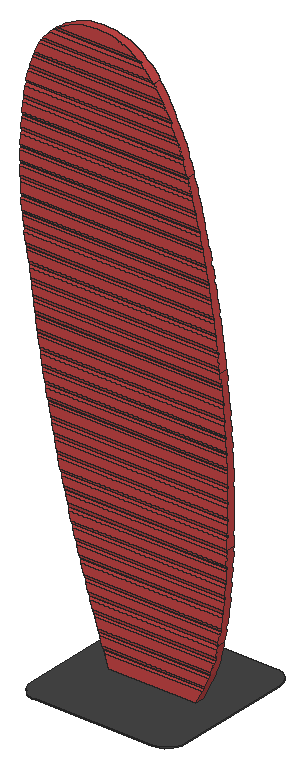
Revit family "Haworth_BuzziPlant_Surf", category Furniture, Revit 2018
Family settings
  OmniClass Number = 23.40.70.14.64.21
  OmniClass Title = Systems Furniture
  Work Plane-Based = No
  Always vertical = Yes
  Cut with Voids When Loaded = No
  Shared = No
  Room Calculation Point = No
Parameters (values of type "HCBZ-PTS1-2")
  Warranty = "http://www.haworth.com/resources/product-info/warranties"
  Upholstery Finish [instance] = Haworth _ Fabric _ Trevira CS _ Berry BCS-4017
  Upholstery Depth = 1 15/256"  # constant formula
  URL - Product = "https://www.haworth.com/products/architectural-interiors/acoustic-solutions/buzziplant"
  URL = "http://www.haworth.com/our-brands/haworth-collection"
  Size = "Verify Final Dim. w/ Haworth"  # constant formula
  Revision Number = "1"  # constant formula
  Model = "HCBZ-PTS"  # constant formula
  Manufacturer = "Haworth"  # constant formula
  Description = "Haworth BuzziPlant - Surf"  # constant formula
  Base Finish [instance] = Haworth _ Paint _ Black BTR-9005
  Author = "Haworth (Abd Rahman)"  # constant formula
  Assembly Code = "E2020200"
  Actual Width = 25 51/256"  # constant formula
  Actual Height = 70 51/256"  # constant formula
  Actual Depth = 19 37/128"  # constant formula
Reference planes (in)
  plane 1 "Center F/B": y = 1.75
  plane 2: z = 0
  plane 3 "Back": y = 11.39453
  plane 4 "Front": y = -7.89453
  plane 5 "Top": z = 70.19922
  plane 6 "Right": x = 42.54045
  plane 7 "Left": x = 17.34124
  plane 8: x = 29.94084
  plane 9 "Front Surface": y = 1.22
  plane 10 "Back Surface": y = 2.28
  plane 11 "Base Top": z = 0.11811
Forms (in)
  Extrusion 1, solid, material "Haworth _ Paint _ Black BTR-9005" <- "Base Finish"
    sketch origin (5.5, 0, 0) x (1, 0, 0) y (0, 1, 0)
      loop
        arc (34.66709, -7.89453) -> (36.34531, -7.19939) -> (37.04045, -5.52117) r 2.37336
        line (37.04045, -5.52117) -> (37.04045, 9.01953)
        arc (37.04045, 9.01953) -> (36.34483, 10.69891) -> (34.66545, 11.39453) r 2.375
        line (34.66545, 11.39453) -> (20.22814, 11.39453)
        arc (20.22814, 11.39453) -> (18.54876, 10.69891) -> (17.85314, 9.01953) r 2.375
        line (17.85314, 9.01953) -> (17.85314, -5.51953)
        arc (17.85314, -5.51953) -> (18.54876, -7.19891) -> (20.22814, -7.89453) r 2.375
        line (20.22814, -7.89453) -> (34.66709, -7.89453)
    from 0 to 0.11811
  Extrusion 2, solid, material "Haworth _ Fabric _ Trevira CS _ Berry BCS-4017" <- "Upholstery Finish"
    sketch origin (0, 1.75, 0) x (1, 0, 0) y (0, 0, 1)
      loop
        arc (38.35803, 0.11811) -> (40.07508, 3.61804) -> (41.10768, 7.37723) r 20.76492
        arc (41.10768, 7.37723) -> (41.86992, 12.85846) -> (42.2371, 18.38024) r 77.11503
        arc (42.2371, 18.38024) -> (42.1666, 28.12055) -> (41.36161, 37.8278) r 129.04779
        arc (41.36161, 37.8278) -> (39.72344, 48.10368) -> (37.3178, 58.22742) r 138.39293
        arc (37.3178, 58.22742) -> (35.5941, 62.89703) -> (33.12495, 67.21903) r 30.12259
        arc (33.12495, 67.21903) -> (26.08508, 70.89642) -> (19.09187, 67.13105) r 8.47557
        arc (19.09187, 67.13105) -> (19.06737, 67.09251) -> (19.04465, 67.05289) r 1
        arc (19.04465, 67.05289) -> (17.89017, 64.4153) -> (17.20024, 61.61999) r 16.89766
        arc (17.20024, 61.61999) -> (16.53269, 51.63959) -> (17.66067, 41.70069) r 55.70916
        arc (17.66067, 41.70069) -> (17.6679, 41.66162) -> (17.67358, 41.62229) r 1
        arc (17.67358, 41.62229) -> (21.46812, 20.59756) -> (27.55331, 0.11811) r 193.8456
        line (27.55331, 0.11811) -> (38.35803, 0.11811)
    from -0.53 to 0.53
  Extrusion 3, void
    sketch origin (0, 0.375, 0) x (0, 1, 0) y (0, 0, -1)
      loop
        line (0.39089, -70.71095) -> (0.95668, -68.95538)
        arc (0.95668, -68.95538) -> (0.95961, -68.93699) -> (0.95685, -68.91858) r 0.06085
        line (0.95685, -68.91858) -> (0.39089, -67.10505) -> (0.39089, -70.71095)
      loop
        line (2.35911, -70.71095) -> (2.35911, -67.10505) -> (1.79315, -68.91858)
        arc (1.79315, -68.91858) -> (1.79039, -68.93699) -> (1.79332, -68.95538) r 0.06085
        line (1.79332, -68.95538) -> (2.35911, -70.71095)
    from -34.49671 to -14.93634
  Extrusion 4, void
    sketch origin (0, 0.375, -1.76865) x (0, 1, 0) y (0, 0, -1)
      loop
        line (0.39089, -70.71095) -> (0.95668, -68.95538)
        arc (0.95668, -68.95538) -> (0.95961, -68.93699) -> (0.95685, -68.91858) r 0.06085
        line (0.95685, -68.91858) -> (0.39089, -67.10505) -> (0.39089, -70.71095)
      loop
        line (2.35911, -70.71095) -> (2.35911, -67.10505) -> (1.79315, -68.91858)
        arc (1.79315, -68.91858) -> (1.79039, -68.93699) -> (1.79332, -68.95538) r 0.06085
        line (1.79332, -68.95538) -> (2.35911, -70.71095)
    from -34.49671 to -14.93634
  Extrusion 5, void
    sketch origin (0, 0.375, 132.41503) x (0, 1, 0) y (0, 0, -1)
      loop
        line (0.39089, 68.89464) -> (0.39089, 65.28874) -> (0.95685, 67.10227)
        arc (0.95685, 67.10227) -> (0.95961, 67.12068) -> (0.95668, 67.13906) r 0.06085
        line (0.95668, 67.13906) -> (0.39089, 68.89464)
      loop
        line (2.35911, 68.89464) -> (1.79332, 67.13906)
        arc (1.79332, 67.13906) -> (1.79039, 67.12068) -> (1.79315, 67.10227) r 0.06085
        line (1.79315, 67.10227) -> (2.35911, 65.28874) -> (2.35911, 68.89464)
    from -45.49609 to -1.9375
  Extrusion 6, void
    sketch origin (0, 0.375, 130.66503) x (0, 1, 0) y (0, 0, -1)
      loop
        line (0.39089, 68.89464) -> (0.39089, 65.28874) -> (0.95685, 67.10227)
        arc (0.95685, 67.10227) -> (0.95961, 67.12068) -> (0.95668, 67.13906) r 0.06085
        line (0.95668, 67.13906) -> (0.39089, 68.89464)
      loop
        line (2.35911, 68.89464) -> (1.79332, 67.13906)
        arc (1.79332, 67.13906) -> (1.79039, 67.12068) -> (1.79315, 67.10227) r 0.06085
        line (1.79315, 67.10227) -> (2.35911, 65.28874) -> (2.35911, 68.89464)
    from -45.49609 to -1.9375
  Extrusion 7, void
    sketch origin (0, 0.375, 128.91503) x (0, 1, 0) y (0, 0, -1)
      loop
        line (0.39089, 68.89464) -> (0.39089, 65.28874) -> (0.95685, 67.10227)
        arc (0.95685, 67.10227) -> (0.95961, 67.12068) -> (0.95668, 67.13906) r 0.06085
        line (0.95668, 67.13906) -> (0.39089, 68.89464)
      loop
        line (2.35911, 68.89464) -> (1.79332, 67.13906)
        arc (1.79332, 67.13906) -> (1.79039, 67.12068) -> (1.79315, 67.10227) r 0.06085
        line (1.79315, 67.10227) -> (2.35911, 65.28874) -> (2.35911, 68.89464)
    from -45.49609 to -1.9375
  Extrusion 8, void
    sketch origin (0, 0.375, 127.06079) x (0, 1, 0) y (0, 0, -1)
      loop
        line (0.39089, 68.89464) -> (0.39089, 65.28874) -> (0.95685, 67.10227)
        arc (0.95685, 67.10227) -> (0.95961, 67.12068) -> (0.95668, 67.13906) r 0.06085
        line (0.95668, 67.13906) -> (0.39089, 68.89464)
      loop
        line (2.35911, 68.89464) -> (1.79332, 67.13906)
        arc (1.79332, 67.13906) -> (1.79039, 67.12068) -> (1.79315, 67.10227) r 0.06085
        line (1.79315, 67.10227) -> (2.35911, 65.28874) -> (2.35911, 68.89464)
    from -45.49609 to -1.9375
  Extrusion 9, void
    sketch origin (0, 0.375, 125.14839) x (0, 1, 0) y (0, 0, -1)
      loop
        line (0.39089, 68.89464) -> (0.39089, 65.28874) -> (0.95685, 67.10227)
        arc (0.95685, 67.10227) -> (0.95961, 67.12068) -> (0.95668, 67.13906) r 0.06085
        line (0.95668, 67.13906) -> (0.39089, 68.89464)
      loop
        line (2.35911, 68.89464) -> (1.79332, 67.13906)
        arc (1.79332, 67.13906) -> (1.79039, 67.12068) -> (1.79315, 67.10227) r 0.06085
        line (1.79315, 67.10227) -> (2.35911, 65.28874) -> (2.35911, 68.89464)
    from -45.49609 to -1.9375
  Extrusion 10, void
    sketch origin (0, 0.375, 123.39839) x (0, 1, 0) y (0, 0, -1)
      loop
        line (0.39089, 68.89464) -> (0.39089, 65.28874) -> (0.95685, 67.10227)
        arc (0.95685, 67.10227) -> (0.95961, 67.12068) -> (0.95668, 67.13906) r 0.06085
        line (0.95668, 67.13906) -> (0.39089, 68.89464)
      loop
        line (2.35911, 68.89464) -> (1.79332, 67.13906)
        arc (1.79332, 67.13906) -> (1.79039, 67.12068) -> (1.79315, 67.10227) r 0.06085
        line (1.79315, 67.10227) -> (2.35911, 65.28874) -> (2.35911, 68.89464)
    from -45.49609 to -1.9375
  Extrusion 11, void
    sketch origin (0, 0.375, 121.51947) x (0, 1, 0) y (0, 0, -1)
      loop
        line (0.39089, 68.89464) -> (0.39089, 65.28874) -> (0.95685, 67.10227)
        arc (0.95685, 67.10227) -> (0.95961, 67.12068) -> (0.95668, 67.13906) r 0.06085
        line (0.95668, 67.13906) -> (0.39089, 68.89464)
      loop
        line (2.35911, 68.89464) -> (1.79332, 67.13906)
        arc (1.79332, 67.13906) -> (1.79039, 67.12068) -> (1.79315, 67.10227) r 0.06085
        line (1.79315, 67.10227) -> (2.35911, 65.28874) -> (2.35911, 68.89464)
    from -45.49609 to -1.9375
  Extrusion 12, void
    sketch origin (0, 0.375, 119.73658) x (0, 1, 0) y (0, 0, -1)
      loop
        line (0.39089, 68.89464) -> (0.39089, 65.28874) -> (0.95685, 67.10227)
        arc (0.95685, 67.10227) -> (0.95961, 67.12068) -> (0.95668, 67.13906) r 0.06085
        line (0.95668, 67.13906) -> (0.39089, 68.89464)
      loop
        line (2.35911, 68.89464) -> (1.79332, 67.13906)
        arc (1.79332, 67.13906) -> (1.79039, 67.12068) -> (1.79315, 67.10227) r 0.06085
        line (1.79315, 67.10227) -> (2.35911, 65.28874) -> (2.35911, 68.89464)
    from -45.49609 to -1.9375
  Extrusion 13, void
    sketch origin (0, 0.375, 118.00719) x (0, 1, 0) y (0, 0, -1)
      loop
        line (0.39089, 68.89464) -> (0.39089, 65.28874) -> (0.95685, 67.10227)
        arc (0.95685, 67.10227) -> (0.95961, 67.12068) -> (0.95668, 67.13906) r 0.06085
        line (0.95668, 67.13906) -> (0.39089, 68.89464)
      loop
        line (2.35911, 68.89464) -> (1.79332, 67.13906)
        arc (1.79332, 67.13906) -> (1.79039, 67.12068) -> (1.79315, 67.10227) r 0.06085
        line (1.79315, 67.10227) -> (2.35911, 65.28874) -> (2.35911, 68.89464)
    from -45.49609 to -1.9375
  Extrusion 14, void
    sketch origin (0, 0.375, 116.10376) x (0, 1, 0) y (0, 0, -1)
      loop
        line (0.39089, 68.89464) -> (0.39089, 65.28874) -> (0.95685, 67.10227)
        arc (0.95685, 67.10227) -> (0.95961, 67.12068) -> (0.95668, 67.13906) r 0.06085
        line (0.95668, 67.13906) -> (0.39089, 68.89464)
      loop
        line (2.35911, 68.89464) -> (1.79332, 67.13906)
        arc (1.79332, 67.13906) -> (1.79039, 67.12068) -> (1.79315, 67.10227) r 0.06085
        line (1.79315, 67.10227) -> (2.35911, 65.28874) -> (2.35911, 68.89464)
    from -45.49609 to -1.9375
  Extrusion 15, void
    sketch origin (0, 0.375, 114.26432) x (0, 1, 0) y (0, 0, -1)
      loop
        line (0.39089, 68.89464) -> (0.39089, 65.28874) -> (0.95685, 67.10227)
        arc (0.95685, 67.10227) -> (0.95961, 67.12068) -> (0.95668, 67.13906) r 0.06085
        line (0.95668, 67.13906) -> (0.39089, 68.89464)
      loop
        line (2.35911, 68.89464) -> (1.79332, 67.13906)
        arc (1.79332, 67.13906) -> (1.79039, 67.12068) -> (1.79315, 67.10227) r 0.06085
        line (1.79315, 67.10227) -> (2.35911, 65.28874) -> (2.35911, 68.89464)
    from -45.49609 to -1.9375
  Extrusion 16, void
    sketch origin (0, 0.375, 112.62499) x (0, 1, 0) y (0, 0, -1)
      loop
        line (0.39089, 68.89464) -> (0.39089, 65.28874) -> (0.95685, 67.10227)
        arc (0.95685, 67.10227) -> (0.95961, 67.12068) -> (0.95668, 67.13906) r 0.06085
        line (0.95668, 67.13906) -> (0.39089, 68.89464)
      loop
        line (2.35911, 68.89464) -> (1.79332, 67.13906)
        arc (1.79332, 67.13906) -> (1.79039, 67.12068) -> (1.79315, 67.10227) r 0.06085
        line (1.79315, 67.10227) -> (2.35911, 65.28874) -> (2.35911, 68.89464)
    from -45.49609 to -1.9375
  Extrusion 17, void
    sketch origin (0, 0.375, 110.6564) x (0, 1, 0) y (0, 0, -1)
      loop
        line (0.39089, 68.89464) -> (0.39089, 65.28874) -> (0.95685, 67.10227)
        arc (0.95685, 67.10227) -> (0.95961, 67.12068) -> (0.95668, 67.13906) r 0.06085
        line (0.95668, 67.13906) -> (0.39089, 68.89464)
      loop
        line (2.35911, 68.89464) -> (1.79332, 67.13906)
        arc (1.79332, 67.13906) -> (1.79039, 67.12068) -> (1.79315, 67.10227) r 0.06085
        line (1.79315, 67.10227) -> (2.35911, 65.28874) -> (2.35911, 68.89464)
    from -45.49609 to -1.9375
  Extrusion 18, void
    sketch origin (0, 0.375, 107.02695) x (0, 1, 0) y (0, 0, -1)
      loop
        line (0.39089, 68.89464) -> (0.39089, 65.28874) -> (0.95685, 67.10227)
        arc (0.95685, 67.10227) -> (0.95961, 67.12068) -> (0.95668, 67.13906) r 0.06085
        line (0.95668, 67.13906) -> (0.39089, 68.89464)
      loop
        line (2.35911, 68.89464) -> (1.79332, 67.13906)
        arc (1.79332, 67.13906) -> (1.79039, 67.12068) -> (1.79315, 67.10227) r 0.06085
        line (1.79315, 67.10227) -> (2.35911, 65.28874) -> (2.35911, 68.89464)
    from -45.49609 to -1.9375
  Extrusion 19, void
    sketch origin (0, 0.375, 105.21292) x (0, 1, 0) y (0, 0, -1)
      loop
        line (0.39089, 68.89464) -> (0.39089, 65.28874) -> (0.95685, 67.10227)
        arc (0.95685, 67.10227) -> (0.95961, 67.12068) -> (0.95668, 67.13906) r 0.06085
        line (0.95668, 67.13906) -> (0.39089, 68.89464)
      loop
        line (2.35911, 68.89464) -> (1.79332, 67.13906)
        arc (1.79332, 67.13906) -> (1.79039, 67.12068) -> (1.79315, 67.10227) r 0.06085
        line (1.79315, 67.10227) -> (2.35911, 65.28874) -> (2.35911, 68.89464)
    from -45.49609 to -1.9375
  Extrusion 20, void
    sketch origin (0, 0.375, 103.46292) x (0, 1, 0) y (0, 0, -1)
      loop
        line (0.39089, 68.89464) -> (0.39089, 65.28874) -> (0.95685, 67.10227)
        arc (0.95685, 67.10227) -> (0.95961, 67.12068) -> (0.95668, 67.13906) r 0.06085
        line (0.95668, 67.13906) -> (0.39089, 68.89464)
      loop
        line (2.35911, 68.89464) -> (1.79332, 67.13906)
        arc (1.79332, 67.13906) -> (1.79039, 67.12068) -> (1.79315, 67.10227) r 0.06085
        line (1.79315, 67.10227) -> (2.35911, 65.28874) -> (2.35911, 68.89464)
    from -45.49609 to -1.9375
  Extrusion 21, void
    sketch origin (0, 0.375, 101.5841) x (0, 1, 0) y (0, 0, -1)
      loop
        line (0.39089, 68.89464) -> (0.39089, 65.28874) -> (0.95685, 67.10227)
        arc (0.95685, 67.10227) -> (0.95961, 67.12068) -> (0.95668, 67.13906) r 0.06085
        line (0.95668, 67.13906) -> (0.39089, 68.89464)
      loop
        line (2.35911, 68.89464) -> (1.79332, 67.13906)
        arc (1.79332, 67.13906) -> (1.79039, 67.12068) -> (1.79315, 67.10227) r 0.06085
        line (1.79315, 67.10227) -> (2.35911, 65.28874) -> (2.35911, 68.89464)
    from -45.49609 to -1.9375
  Extrusion 22, void
    sketch origin (0, 0.375, 99.76084) x (0, 1, 0) y (0, 0, -1)
      loop
        line (0.39089, 68.89464) -> (0.39089, 65.28874) -> (0.95685, 67.10227)
        arc (0.95685, 67.10227) -> (0.95961, 67.12068) -> (0.95668, 67.13906) r 0.06085
        line (0.95668, 67.13906) -> (0.39089, 68.89464)
      loop
        line (2.35911, 68.89464) -> (1.79332, 67.13906)
        arc (1.79332, 67.13906) -> (1.79039, 67.12068) -> (1.79315, 67.10227) r 0.06085
        line (1.79315, 67.10227) -> (2.35911, 65.28874) -> (2.35911, 68.89464)
    from -45.49609 to -1.9375
  Extrusion 23, void
    sketch origin (0, 0.375, 97.94942) x (0, 1, 0) y (0, 0, -1)
      loop
        line (0.39089, 68.89464) -> (0.39089, 65.28874) -> (0.95685, 67.10227)
        arc (0.95685, 67.10227) -> (0.95961, 67.12068) -> (0.95668, 67.13906) r 0.06085
        line (0.95668, 67.13906) -> (0.39089, 68.89464)
      loop
        line (2.35911, 68.89464) -> (1.79332, 67.13906)
        arc (1.79332, 67.13906) -> (1.79039, 67.12068) -> (1.79315, 67.10227) r 0.06085
        line (1.79315, 67.10227) -> (2.35911, 65.28874) -> (2.35911, 68.89464)
    from -45.49609 to -1.9375
  Extrusion 24, void
    sketch origin (0, 0.375, 96.19942) x (0, 1, 0) y (0, 0, -1)
      loop
        line (0.39089, 68.89464) -> (0.39089, 65.28874) -> (0.95685, 67.10227)
        arc (0.95685, 67.10227) -> (0.95961, 67.12068) -> (0.95668, 67.13906) r 0.06085
        line (0.95668, 67.13906) -> (0.39089, 68.89464)
      loop
        line (2.35911, 68.89464) -> (1.79332, 67.13906)
        arc (1.79332, 67.13906) -> (1.79039, 67.12068) -> (1.79315, 67.10227) r 0.06085
        line (1.79315, 67.10227) -> (2.35911, 65.28874) -> (2.35911, 68.89464)
    from -45.49609 to -1.9375
  Extrusion 25, void
    sketch origin (0, 0.375, 94.44942) x (0, 1, 0) y (0, 0, -1)
      loop
        line (0.39089, 68.89464) -> (0.39089, 65.28874) -> (0.95685, 67.10227)
        arc (0.95685, 67.10227) -> (0.95961, 67.12068) -> (0.95668, 67.13906) r 0.06085
        line (0.95668, 67.13906) -> (0.39089, 68.89464)
      loop
        line (2.35911, 68.89464) -> (1.79332, 67.13906)
        arc (1.79332, 67.13906) -> (1.79039, 67.12068) -> (1.79315, 67.10227) r 0.06085
        line (1.79315, 67.10227) -> (2.35911, 65.28874) -> (2.35911, 68.89464)
    from -45.49609 to -1.9375
  Extrusion 26, void
    sketch origin (0, 0.375, 92.51203) x (0, 1, 0) y (0, 0, -1)
      loop
        line (0.39089, 68.89464) -> (0.39089, 65.28874) -> (0.95685, 67.10227)
        arc (0.95685, 67.10227) -> (0.95961, 67.12068) -> (0.95668, 67.13906) r 0.06085
        line (0.95668, 67.13906) -> (0.39089, 68.89464)
      loop
        line (2.35911, 68.89464) -> (1.79332, 67.13906)
        arc (1.79332, 67.13906) -> (1.79039, 67.12068) -> (1.79315, 67.10227) r 0.06085
        line (1.79315, 67.10227) -> (2.35911, 65.28874) -> (2.35911, 68.89464)
    from -45.49609 to -1.9375
  Extrusion 27, void
    sketch origin (0, 0.375, 90.76203) x (0, 1, 0) y (0, 0, -1)
      loop
        line (0.39089, 68.89464) -> (0.39089, 65.28874) -> (0.95685, 67.10227)
        arc (0.95685, 67.10227) -> (0.95961, 67.12068) -> (0.95668, 67.13906) r 0.06085
        line (0.95668, 67.13906) -> (0.39089, 68.89464)
      loop
        line (2.35911, 68.89464) -> (1.79332, 67.13906)
        arc (1.79332, 67.13906) -> (1.79039, 67.12068) -> (1.79315, 67.10227) r 0.06085
        line (1.79315, 67.10227) -> (2.35911, 65.28874) -> (2.35911, 68.89464)
    from -45.49609 to -1.9375
  Extrusion 28, void
    sketch origin (0, 0.375, 88.88697) x (0, 1, 0) y (0, 0, -1)
      loop
        line (0.39089, 68.89464) -> (0.39089, 65.28874) -> (0.95685, 67.10227)
        arc (0.95685, 67.10227) -> (0.95961, 67.12068) -> (0.95668, 67.13906) r 0.06085
        line (0.95668, 67.13906) -> (0.39089, 68.89464)
      loop
        line (2.35911, 68.89464) -> (1.79332, 67.13906)
        arc (1.79332, 67.13906) -> (1.79039, 67.12068) -> (1.79315, 67.10227) r 0.06085
        line (1.79315, 67.10227) -> (2.35911, 65.28874) -> (2.35911, 68.89464)
    from -45.49609 to -1.9375
  Extrusion 29, void
    sketch origin (0, 0.375, 87.07298) x (0, 1, 0) y (0, 0, -1)
      loop
        line (0.39089, 68.89464) -> (0.39089, 65.28874) -> (0.95685, 67.10227)
        arc (0.95685, 67.10227) -> (0.95961, 67.12068) -> (0.95668, 67.13906) r 0.06085
        line (0.95668, 67.13906) -> (0.39089, 68.89464)
      loop
        line (2.35911, 68.89464) -> (1.79332, 67.13906)
        arc (1.79332, 67.13906) -> (1.79039, 67.12068) -> (1.79315, 67.10227) r 0.06085
        line (1.79315, 67.10227) -> (2.35911, 65.28874) -> (2.35911, 68.89464)
    from -45.49609 to -1.9375
  Extrusion 30, void
    sketch origin (0, 0.375, 85.25944) x (0, 1, 0) y (0, 0, -1)
      loop
        line (0.39089, 68.89464) -> (0.39089, 65.28874) -> (0.95685, 67.10227)
        arc (0.95685, 67.10227) -> (0.95961, 67.12068) -> (0.95668, 67.13906) r 0.06085
        line (0.95668, 67.13906) -> (0.39089, 68.89464)
      loop
        line (2.35911, 68.89464) -> (1.79332, 67.13906)
        arc (1.79332, 67.13906) -> (1.79039, 67.12068) -> (1.79315, 67.10227) r 0.06085
        line (1.79315, 67.10227) -> (2.35911, 65.28874) -> (2.35911, 68.89464)
    from -45.49609 to -1.9375
  Extrusion 31, void
    sketch origin (0, 0.375, 108.86244) x (0, 1, 0) y (0, 0, -1)
      loop
        line (0.39089, 68.89464) -> (0.39089, 65.28874) -> (0.95685, 67.10227)
        arc (0.95685, 67.10227) -> (0.95961, 67.12068) -> (0.95668, 67.13906) r 0.06085
        line (0.95668, 67.13906) -> (0.39089, 68.89464)
      loop
        line (2.35911, 68.89464) -> (1.79332, 67.13906)
        arc (1.79332, 67.13906) -> (1.79039, 67.12068) -> (1.79315, 67.10227) r 0.06085
        line (1.79315, 67.10227) -> (2.35911, 65.28874) -> (2.35911, 68.89464)
    from -45.49609 to -1.9375
  Extrusion 32, void
    sketch origin (0, 0.375, 83.50727) x (0, 1, 0) y (0, 0, -1)
      loop
        line (0.39089, 68.89464) -> (0.39089, 65.28874) -> (0.95685, 67.10227)
        arc (0.95685, 67.10227) -> (0.95961, 67.12068) -> (0.95668, 67.13906) r 0.06085
        line (0.95668, 67.13906) -> (0.39089, 68.89464)
      loop
        line (2.35911, 68.89464) -> (1.79332, 67.13906)
        arc (1.79332, 67.13906) -> (1.79039, 67.12068) -> (1.79315, 67.10227) r 0.06085
        line (1.79315, 67.10227) -> (2.35911, 65.28874) -> (2.35911, 68.89464)
    from -45.49609 to -1.9375
  Extrusion 33, void
    sketch origin (0, 0.375, 81.75727) x (0, 1, 0) y (0, 0, -1)
      loop
        line (0.39089, 68.89464) -> (0.39089, 65.28874) -> (0.95685, 67.10227)
        arc (0.95685, 67.10227) -> (0.95961, 67.12068) -> (0.95668, 67.13906) r 0.06085
        line (0.95668, 67.13906) -> (0.39089, 68.89464)
      loop
        line (2.35911, 68.89464) -> (1.79332, 67.13906)
        arc (1.79332, 67.13906) -> (1.79039, 67.12068) -> (1.79315, 67.10227) r 0.06085
        line (1.79315, 67.10227) -> (2.35911, 65.28874) -> (2.35911, 68.89464)
    from -45.49609 to -1.9375
  Extrusion 34, void
    sketch origin (0, 0.375, 80.00727) x (0, 1, 0) y (0, 0, -1)
      loop
        line (0.39089, 68.89464) -> (0.39089, 65.28874) -> (0.95685, 67.10227)
        arc (0.95685, 67.10227) -> (0.95961, 67.12068) -> (0.95668, 67.13906) r 0.06085
        line (0.95668, 67.13906) -> (0.39089, 68.89464)
      loop
        line (2.35911, 68.89464) -> (1.79332, 67.13906)
        arc (1.79332, 67.13906) -> (1.79039, 67.12068) -> (1.79315, 67.10227) r 0.06085
        line (1.79315, 67.10227) -> (2.35911, 65.28874) -> (2.35911, 68.89464)
    from -45.49609 to -1.9375
  Extrusion 35, void
    sketch origin (0, 0.375, 78.25727) x (0, 1, 0) y (0, 0, -1)
      loop
        line (0.39089, 68.89464) -> (0.39089, 65.28874) -> (0.95685, 67.10227)
        arc (0.95685, 67.10227) -> (0.95961, 67.12068) -> (0.95668, 67.13906) r 0.06085
        line (0.95668, 67.13906) -> (0.39089, 68.89464)
      loop
        line (2.35911, 68.89464) -> (1.79332, 67.13906)
        arc (1.79332, 67.13906) -> (1.79039, 67.12068) -> (1.79315, 67.10227) r 0.06085
        line (1.79315, 67.10227) -> (2.35911, 65.28874) -> (2.35911, 68.89464)
    from -45.49609 to -1.9375
  Extrusion 36, void
    sketch origin (0, 0.375, 76.25727) x (0, 1, 0) y (0, 0, -1)
      loop
        line (0.39089, 68.89464) -> (0.39089, 65.28874) -> (0.95685, 67.10227)
        arc (0.95685, 67.10227) -> (0.95961, 67.12068) -> (0.95668, 67.13906) r 0.06085
        line (0.95668, 67.13906) -> (0.39089, 68.89464)
      loop
        line (2.35911, 68.89464) -> (1.79332, 67.13906)
        arc (1.79332, 67.13906) -> (1.79039, 67.12068) -> (1.79315, 67.10227) r 0.06085
        line (1.79315, 67.10227) -> (2.35911, 65.28874) -> (2.35911, 68.89464)
    from -45.49609 to -1.9375
  Extrusion 37, void
    sketch origin (0, 0.375, 74.50727) x (0, 1, 0) y (0, 0, -1)
      loop
        line (0.39089, 68.89464) -> (0.39089, 65.28874) -> (0.95685, 67.10227)
        arc (0.95685, 67.10227) -> (0.95961, 67.12068) -> (0.95668, 67.13906) r 0.06085
        line (0.95668, 67.13906) -> (0.39089, 68.89464)
      loop
        line (2.35911, 68.89464) -> (1.79332, 67.13906)
        arc (1.79332, 67.13906) -> (1.79039, 67.12068) -> (1.79315, 67.10227) r 0.06085
        line (1.79315, 67.10227) -> (2.35911, 65.28874) -> (2.35911, 68.89464)
    from -45.49609 to -1.9375
  Extrusion 38, void
    sketch origin (0, 0.375, 72.75727) x (0, 1, 0) y (0, 0, -1)
      loop
        line (0.39089, 68.89464) -> (0.39089, 65.28874) -> (0.95685, 67.10227)
        arc (0.95685, 67.10227) -> (0.95961, 67.12068) -> (0.95668, 67.13906) r 0.06085
        line (0.95668, 67.13906) -> (0.39089, 68.89464)
      loop
        line (2.35911, 68.89464) -> (1.79332, 67.13906)
        arc (1.79332, 67.13906) -> (1.79039, 67.12068) -> (1.79315, 67.10227) r 0.06085
        line (1.79315, 67.10227) -> (2.35911, 65.28874) -> (2.35911, 68.89464)
    from -45.49609 to -1.9375
  Extrusion 39, void
    sketch origin (0, 0.375, 70.88524) x (0, 1, 0) y (0, 0, -1)
      loop
        line (0.39089, 68.89464) -> (0.39089, 65.28874) -> (0.95685, 67.10227)
        arc (0.95685, 67.10227) -> (0.95961, 67.12068) -> (0.95668, 67.13906) r 0.06085
        line (0.95668, 67.13906) -> (0.39089, 68.89464)
      loop
        line (2.35911, 68.89464) -> (1.79332, 67.13906)
        arc (1.79332, 67.13906) -> (1.79039, 67.12068) -> (1.79315, 67.10227) r 0.06085
        line (1.79315, 67.10227) -> (2.35911, 65.28874) -> (2.35911, 68.89464)
    from -45.49609 to -1.9375
  Extrusion 40, void
    sketch origin (0, 0.375, 69.13524) x (0, 1, 0) y (0, 0, -1)
      loop
        line (0.39089, 68.89464) -> (0.39089, 65.28874) -> (0.95685, 67.10227)
        arc (0.95685, 67.10227) -> (0.95961, 67.12068) -> (0.95668, 67.13906) r 0.06085
        line (0.95668, 67.13906) -> (0.39089, 68.89464)
      loop
        line (2.35911, 68.89464) -> (1.79332, 67.13906)
        arc (1.79332, 67.13906) -> (1.79039, 67.12068) -> (1.79315, 67.10227) r 0.06085
        line (1.79315, 67.10227) -> (2.35911, 65.28874) -> (2.35911, 68.89464)
    from -45.49609 to -1.9375
Cuts and joins
  Extrusion 3, Extrusion 4, Extrusion 5, Extrusion 6, Extrusion 7, Extrusion 8, Extrusion 9, Extrusion 10, Extrusion 11, Extrusion 12, Extrusion 13, Extrusion 14, Extrusion 15, Extrusion 16, Extrusion 17, Extrusion 18, Extrusion 19, Extrusion 20, Extrusion 21, Extrusion 22, Extrusion 23, Extrusion 24, Extrusion 25, Extrusion 26, Extrusion 27, Extrusion 28, Extrusion 29, Extrusion 30, Extrusion 31, Extrusion 32, Extrusion 33, Extrusion 34, Extrusion 35, Extrusion 36, Extrusion 37, Extrusion 38, Extrusion 39, Extrusion 40 cuts Extrusion 2
Lines and regions (in)
  Masking region 1
    outline origin (0, 0, 0) x (1, 0, 0) y (0, 1, 0)
      loop
        line (40.23831, 11.39453) -> (25.72814, 11.39453)
        arc (25.72814, 11.39453) -> (24.04876, 10.69891) -> (23.35314, 9.01953) r 2.375
        line (23.35314, 9.01953) -> (23.35314, 2.28) -> (17.34124, 2.28) -> (17.34124, 1.22) -> (23.35314, 1.22) -> (23.35314, -5.51953)
        arc (23.35314, -5.51953) -> (24.04876, -7.19891) -> (25.72814, -7.89453) r 2.375
        line (25.72814, -7.89453) -> (40.23994, -7.89453)
        arc (40.23994, -7.89453) -> (41.91816, -7.19939) -> (42.61331, -5.52117) r 2.37336
        line (42.61331, -5.52117) -> (42.61331, 9.01953)
        arc (42.61331, 9.01953) -> (41.91768, 10.69891) -> (40.23831, 11.39453) r 2.375
  symbolic lines
    curve 1: line (42.61331, 2.28, 0) -> (23.35314, 2.28, 0)
    curve 2: line (23.36613, 1.22, 0) -> (42.61331, 1.22, 0)
Dimensions and locks (in)
  "Actual Width": plane 7 "Left" to plane 6 "Right"
  "Actual Depth": plane 4 "Front" to plane 3 "Back"
  equal spacing: plane 4 "Front", plane 1 "Center F/B", plane 3 "Back"
  "Actual Height": plane 5 "Top" to level
  equal spacing: plane 7 "Left", plane 8, plane 6 "Right"
  plane 10 "Back Surface" to plane 9 "Front Surface" = 1.06"
  aligned and locked: Extrusion 1 sketch curve to plane 3 "Back"
  aligned and locked: Extrusion 1 sketch curve to plane 4 "Front"
  aligned and locked: Extrusion 1 to plane 2
  aligned and locked: plane 11 "Base Top" to Extrusion 1
  aligned and locked: plane 10 "Back Surface" to Extrusion 2
  aligned and locked: Extrusion 2 to plane 9 "Front Surface"
  aligned and locked: plane 6 "Right" to Extrusion 1
Automatic sketch dimensions
  Extrusion 1 sketch curve to plane 7 "Left" = 6.01191"
  Extrusion 1 sketch curve to Extrusion 1 sketch curve = 2 3/8"  (x2)
  Extrusion 1 sketch curve to plane 6 "Right" = 2 3/8"
  Extrusion 1 sketch curve to plane 6 "Right" = 2.37336"
  plane 6 "Right" to Extrusion 1 sketch curve = 0"
  Extrusion 2 sketch curve to plane 11 "Base Top" = 0"
  plane 11 "Base Top" to Extrusion 2 sketch curve = 21.07562"
  plane 7 "Left" to Extrusion 2 sketch curve = 113.36925"
  Extrusion 2 sketch curve to Extrusion 2 sketch curve = 9.27738"
  Extrusion 2 sketch curve to Extrusion 2 sketch curve = 51.90859"
  plane 7 "Left" to Extrusion 2 sketch curve = 9.04747"
  plane 7 "Left" to Extrusion 2 sketch curve = 0.66005"
  Extrusion 2 sketch curve to plane 7 "Left" = 2.58201"
  Extrusion 2 sketch curve to plane 7 "Left" = 3.3153"
  plane 8 to Extrusion 2 sketch curve = 3.80263"
  plane 8 to Extrusion 2 sketch curve = 2.38754"
  Extrusion 2 sketch curve to plane 8 = 3.95005"
  Extrusion 2 sketch curve to plane 6 "Right" = 4.18242"
  plane 6 "Right" to Extrusion 2 sketch curve = 29.68652"
  Extrusion 2 sketch curve to plane 5 "Top" = 4.71257"
  Extrusion 2 sketch curve to Extrusion 2 sketch curve = 137.81762"
  level to Extrusion 2 sketch curve = 10.97348"
  level to Extrusion 2 sketch curve = 20.7327"
  Extrusion 2 sketch curve to Extrusion 2 sketch curve = 1.12323"
  Extrusion 2 sketch curve to plane 5 "Top" = 28.70004"
  Extrusion 2 sketch curve to Extrusion 2 sketch curve = 8.6675"
  Extrusion 2 sketch curve to plane 5 "Top" = 17.27226"
  Extrusion 2 sketch curve to plane 5 "Top" = 11.21599"
  Extrusion 2 sketch curve to plane 5 "Top" = 7.7782"
  Extrusion 2 sketch curve to plane 5 "Top" = 3.62389"
  plane 7 "Left" to Extrusion 2 sketch curve = 0.141"
  Extrusion 2 sketch curve to Extrusion 2 sketch curve = 0"  (x8)
  plane 9 "Front Surface" to Extrusion 3 sketch curve = 0.45411"
  Extrusion 3 sketch curve to plane 9 "Front Surface" = 0.05376"
  Extrusion 3 sketch curve to Extrusion 3 sketch curve = 0.05792"
  Extrusion 3 sketch curve to Extrusion 3 sketch curve = 0.00017"  (x2)
  plane 10 "Back Surface" to Extrusion 3 sketch curve = 0.11185"
  plane 10 "Back Surface" to Extrusion 3 sketch curve = 0.05376"
  Extrusion 3 sketch curve to plane 10 "Back Surface" = 0.45411"
  plane 5 "Top" to Extrusion 3 sketch curve = 3.09416"
  Extrusion 3 sketch curve to Extrusion 3 sketch curve = 0"  (x2)
  plane 5 "Top" to Extrusion 3 sketch curve = 1.28064"
  Extrusion 3 sketch curve to Extrusion 3 sketch curve = 0.01813"  (x2)
  Extrusion 3 sketch curve to plane 5 "Top" = 131/256"  (x2)
  plane 9 "Front Surface" to Extrusion 4 sketch curve = 0.45411"
  Extrusion 4 sketch curve to plane 9 "Front Surface" = 0.05376"
  Extrusion 4 sketch curve to Extrusion 4 sketch curve = 0.05792"
  Extrusion 4 sketch curve to Extrusion 4 sketch curve = 0.00017"  (x2)
  plane 10 "Back Surface" to Extrusion 4 sketch curve = 0.11185"
  plane 10 "Back Surface" to Extrusion 4 sketch curve = 0.05376"
  Extrusion 4 sketch curve to plane 10 "Back Surface" = 0.45411"
  plane 5 "Top" to Extrusion 4 sketch curve = 4.86281"
  Extrusion 4 sketch curve to Extrusion 4 sketch curve = 0"  (x2)
  Extrusion 4 sketch curve to Extrusion 4 sketch curve = 1.81353"
  Extrusion 4 sketch curve to Extrusion 4 sketch curve = 0.01813"  (x2)
  plane 5 "Top" to Extrusion 4 sketch curve = 1.25691"  (x2)
  Extrusion 5 sketch curve to plane 9 "Front Surface" = 0.45411"
  plane 9 "Front Surface" to Extrusion 5 sketch curve = 0.05376"
  Extrusion 5 sketch curve to Extrusion 5 sketch curve = 0.05792"
  Extrusion 5 sketch curve to Extrusion 5 sketch curve = 0.00017"  (x2)
  Extrusion 5 sketch curve to plane 10 "Back Surface" = 0.11185"
  Extrusion 5 sketch curve to plane 10 "Back Surface" = 0.05376"
  plane 10 "Back Surface" to Extrusion 5 sketch curve = 0.45411"
  Extrusion 5 sketch curve to plane 5 "Top" = 3.07292"
  Extrusion 5 sketch curve to Extrusion 5 sketch curve = 0"  (x2)
  Extrusion 5 sketch curve to Extrusion 5 sketch curve = 1.81353"
  Extrusion 5 sketch curve to Extrusion 5 sketch curve = 0.01813"  (x2)
  Extrusion 5 sketch curve to Extrusion 5 sketch curve = 1.75558"  (x2)
  Extrusion 6 sketch curve to plane 9 "Front Surface" = 0.45411"
  plane 9 "Front Surface" to Extrusion 6 sketch curve = 0.05376"
  Extrusion 6 sketch curve to Extrusion 6 sketch curve = 0.05792"
  Extrusion 6 sketch curve to Extrusion 6 sketch curve = 0.00017"  (x2)
  Extrusion 6 sketch curve to plane 10 "Back Surface" = 0.11185"
  Extrusion 6 sketch curve to plane 10 "Back Surface" = 0.05376"
  plane 10 "Back Surface" to Extrusion 6 sketch curve = 0.45411"
  Extrusion 6 sketch curve to plane 5 "Top" = 4.82292"
  Extrusion 6 sketch curve to Extrusion 6 sketch curve = 0"  (x2)
  Extrusion 6 sketch curve to Extrusion 6 sketch curve = 1.81353"
  Extrusion 6 sketch curve to Extrusion 6 sketch curve = 0.01813"  (x2)
  Extrusion 6 sketch curve to Extrusion 6 sketch curve = 1.75558"  (x2)
  Extrusion 7 sketch curve to plane 9 "Front Surface" = 0.45411"
  plane 9 "Front Surface" to Extrusion 7 sketch curve = 0.05376"
  Extrusion 7 sketch curve to Extrusion 7 sketch curve = 0.05792"
  Extrusion 7 sketch curve to Extrusion 7 sketch curve = 0.00017"  (x2)
  Extrusion 7 sketch curve to plane 10 "Back Surface" = 0.11185"
  Extrusion 7 sketch curve to plane 10 "Back Surface" = 0.05376"
  plane 10 "Back Surface" to Extrusion 7 sketch curve = 0.45411"
  Extrusion 7 sketch curve to plane 5 "Top" = 6.57292"
  Extrusion 7 sketch curve to Extrusion 7 sketch curve = 0"  (x2)
  Extrusion 7 sketch curve to Extrusion 7 sketch curve = 1.81353"
  Extrusion 7 sketch curve to Extrusion 7 sketch curve = 0.01813"  (x2)
  Extrusion 7 sketch curve to Extrusion 7 sketch curve = 1.75558"  (x2)
  Extrusion 8 sketch curve to plane 9 "Front Surface" = 0.45411"
  plane 9 "Front Surface" to Extrusion 8 sketch curve = 0.05376"
  Extrusion 8 sketch curve to Extrusion 8 sketch curve = 0.05792"
  Extrusion 8 sketch curve to Extrusion 8 sketch curve = 0.00017"  (x2)
  Extrusion 8 sketch curve to plane 10 "Back Surface" = 0.11185"
  Extrusion 8 sketch curve to plane 10 "Back Surface" = 0.05376"
  plane 10 "Back Surface" to Extrusion 8 sketch curve = 0.45411"
  Extrusion 8 sketch curve to plane 5 "Top" = 8.42717"
  Extrusion 8 sketch curve to Extrusion 8 sketch curve = 0"  (x2)
  Extrusion 8 sketch curve to Extrusion 8 sketch curve = 1.81353"
  Extrusion 8 sketch curve to Extrusion 8 sketch curve = 0.01813"  (x2)
  Extrusion 8 sketch curve to Extrusion 8 sketch curve = 1.75558"  (x2)
  Extrusion 9 sketch curve to plane 9 "Front Surface" = 0.45411"
  plane 9 "Front Surface" to Extrusion 9 sketch curve = 0.05376"
  Extrusion 9 sketch curve to Extrusion 9 sketch curve = 0.05792"
  Extrusion 9 sketch curve to Extrusion 9 sketch curve = 0.00017"  (x2)
  Extrusion 9 sketch curve to plane 10 "Back Surface" = 0.11185"
  Extrusion 9 sketch curve to plane 10 "Back Surface" = 0.05376"
  plane 10 "Back Surface" to Extrusion 9 sketch curve = 0.45411"
  Extrusion 9 sketch curve to plane 5 "Top" = 10.33957"
  Extrusion 9 sketch curve to Extrusion 9 sketch curve = 0"  (x2)
  Extrusion 9 sketch curve to Extrusion 9 sketch curve = 1.81353"
  Extrusion 9 sketch curve to Extrusion 9 sketch curve = 0.01813"  (x2)
  Extrusion 9 sketch curve to Extrusion 9 sketch curve = 1.75558"  (x2)
  Extrusion 10 sketch curve to plane 9 "Front Surface" = 0.45411"
  plane 9 "Front Surface" to Extrusion 10 sketch curve = 0.05376"
  Extrusion 10 sketch curve to Extrusion 10 sketch curve = 0.05792"
  Extrusion 10 sketch curve to Extrusion 10 sketch curve = 0.00017"  (x2)
  Extrusion 10 sketch curve to plane 10 "Back Surface" = 0.11185"
  Extrusion 10 sketch curve to plane 10 "Back Surface" = 0.05376"
  plane 10 "Back Surface" to Extrusion 10 sketch curve = 0.45411"
  Extrusion 10 sketch curve to plane 5 "Top" = 12.08957"
  Extrusion 10 sketch curve to Extrusion 10 sketch curve = 0"  (x2)
  Extrusion 10 sketch curve to Extrusion 10 sketch curve = 1.81353"
  Extrusion 10 sketch curve to Extrusion 10 sketch curve = 0.01813"  (x2)
  Extrusion 10 sketch curve to Extrusion 10 sketch curve = 1.75558"  (x2)
  Extrusion 11 sketch curve to plane 9 "Front Surface" = 0.45411"
  plane 9 "Front Surface" to Extrusion 11 sketch curve = 0.05376"
  Extrusion 11 sketch curve to Extrusion 11 sketch curve = 0.05792"
  Extrusion 11 sketch curve to Extrusion 11 sketch curve = 0.00017"  (x2)
  Extrusion 11 sketch curve to plane 10 "Back Surface" = 0.11185"
  Extrusion 11 sketch curve to plane 10 "Back Surface" = 0.05376"
  plane 10 "Back Surface" to Extrusion 11 sketch curve = 0.45411"
  Extrusion 11 sketch curve to plane 5 "Top" = 13.96849"
  Extrusion 11 sketch curve to Extrusion 11 sketch curve = 0"  (x2)
  Extrusion 11 sketch curve to Extrusion 11 sketch curve = 1.81353"
  Extrusion 11 sketch curve to Extrusion 11 sketch curve = 0.01813"  (x2)
  Extrusion 11 sketch curve to Extrusion 11 sketch curve = 1.75558"  (x2)
  Extrusion 12 sketch curve to plane 9 "Front Surface" = 0.45411"
  plane 9 "Front Surface" to Extrusion 12 sketch curve = 0.05376"
  Extrusion 12 sketch curve to Extrusion 12 sketch curve = 0.05792"
  Extrusion 12 sketch curve to Extrusion 12 sketch curve = 0.00017"  (x2)
  Extrusion 12 sketch curve to plane 10 "Back Surface" = 0.11185"
  Extrusion 12 sketch curve to plane 10 "Back Surface" = 0.05376"
  plane 10 "Back Surface" to Extrusion 12 sketch curve = 0.45411"
  Extrusion 12 sketch curve to plane 5 "Top" = 15.75138"
  Extrusion 12 sketch curve to Extrusion 12 sketch curve = 0"  (x2)
  Extrusion 12 sketch curve to Extrusion 12 sketch curve = 1.81353"
  Extrusion 12 sketch curve to Extrusion 12 sketch curve = 0.01813"  (x2)
  Extrusion 12 sketch curve to Extrusion 12 sketch curve = 1.75558"  (x2)
  Extrusion 13 sketch curve to plane 9 "Front Surface" = 0.45411"
  plane 9 "Front Surface" to Extrusion 13 sketch curve = 0.05376"
  Extrusion 13 sketch curve to Extrusion 13 sketch curve = 0.05792"
  Extrusion 13 sketch curve to Extrusion 13 sketch curve = 0.00017"  (x2)
  Extrusion 13 sketch curve to plane 10 "Back Surface" = 0.11185"
  Extrusion 13 sketch curve to plane 10 "Back Surface" = 0.05376"
  plane 10 "Back Surface" to Extrusion 13 sketch curve = 0.45411"
  Extrusion 13 sketch curve to plane 5 "Top" = 17.48077"
  Extrusion 13 sketch curve to Extrusion 13 sketch curve = 0"  (x2)
  Extrusion 13 sketch curve to Extrusion 13 sketch curve = 1.81353"
  Extrusion 13 sketch curve to Extrusion 13 sketch curve = 0.01813"  (x2)
  Extrusion 13 sketch curve to Extrusion 13 sketch curve = 1.75558"  (x2)
  Extrusion 14 sketch curve to plane 9 "Front Surface" = 0.45411"
  plane 9 "Front Surface" to Extrusion 14 sketch curve = 0.05376"
  Extrusion 14 sketch curve to Extrusion 14 sketch curve = 0.05792"
  Extrusion 14 sketch curve to Extrusion 14 sketch curve = 0.00017"  (x2)
  Extrusion 14 sketch curve to plane 10 "Back Surface" = 0.11185"
  Extrusion 14 sketch curve to plane 10 "Back Surface" = 0.05376"
  plane 10 "Back Surface" to Extrusion 14 sketch curve = 0.45411"
  Extrusion 14 sketch curve to plane 5 "Top" = 19.3842"
  Extrusion 14 sketch curve to Extrusion 14 sketch curve = 0"  (x2)
  Extrusion 14 sketch curve to Extrusion 14 sketch curve = 1.81353"
  Extrusion 14 sketch curve to Extrusion 14 sketch curve = 0.01813"  (x2)
  Extrusion 14 sketch curve to Extrusion 14 sketch curve = 1.75558"  (x2)
  Extrusion 15 sketch curve to plane 9 "Front Surface" = 0.45411"
  plane 9 "Front Surface" to Extrusion 15 sketch curve = 0.05376"
  Extrusion 15 sketch curve to Extrusion 15 sketch curve = 0.05792"
  Extrusion 15 sketch curve to Extrusion 15 sketch curve = 0.00017"  (x2)
  Extrusion 15 sketch curve to plane 10 "Back Surface" = 0.11185"
  Extrusion 15 sketch curve to plane 10 "Back Surface" = 0.05376"
  plane 10 "Back Surface" to Extrusion 15 sketch curve = 0.45411"
  Extrusion 15 sketch curve to plane 5 "Top" = 21.22363"
  Extrusion 15 sketch curve to Extrusion 15 sketch curve = 0"  (x2)
  Extrusion 15 sketch curve to Extrusion 15 sketch curve = 1.81353"
  Extrusion 15 sketch curve to Extrusion 15 sketch curve = 0.01813"  (x2)
  Extrusion 15 sketch curve to Extrusion 15 sketch curve = 1.75558"  (x2)
  Extrusion 16 sketch curve to plane 9 "Front Surface" = 0.45411"
  plane 9 "Front Surface" to Extrusion 16 sketch curve = 0.05376"
  Extrusion 16 sketch curve to Extrusion 16 sketch curve = 0.05792"
  Extrusion 16 sketch curve to Extrusion 16 sketch curve = 0.00017"  (x2)
  Extrusion 16 sketch curve to plane 10 "Back Surface" = 0.11185"
  Extrusion 16 sketch curve to plane 10 "Back Surface" = 0.05376"
  plane 10 "Back Surface" to Extrusion 16 sketch curve = 0.45411"
  Extrusion 16 sketch curve to plane 5 "Top" = 22.86297"
  Extrusion 16 sketch curve to Extrusion 16 sketch curve = 0"  (x2)
  Extrusion 16 sketch curve to Extrusion 16 sketch curve = 1.81353"
  Extrusion 16 sketch curve to Extrusion 16 sketch curve = 0.01813"  (x2)
  Extrusion 16 sketch curve to Extrusion 16 sketch curve = 1.75558"  (x2)
  Extrusion 17 sketch curve to plane 9 "Front Surface" = 0.45411"
  plane 9 "Front Surface" to Extrusion 17 sketch curve = 0.05376"
  Extrusion 17 sketch curve to Extrusion 17 sketch curve = 0.05792"
  Extrusion 17 sketch curve to Extrusion 17 sketch curve = 0.00017"  (x2)
  Extrusion 17 sketch curve to plane 10 "Back Surface" = 0.11185"
  Extrusion 17 sketch curve to plane 10 "Back Surface" = 0.05376"
  plane 10 "Back Surface" to Extrusion 17 sketch curve = 0.45411"
  Extrusion 17 sketch curve to plane 5 "Top" = 24.83155"
  Extrusion 17 sketch curve to Extrusion 17 sketch curve = 0"  (x2)
  Extrusion 17 sketch curve to Extrusion 17 sketch curve = 1.81353"
  Extrusion 17 sketch curve to Extrusion 17 sketch curve = 0.01813"  (x2)
  Extrusion 17 sketch curve to Extrusion 17 sketch curve = 1.75558"  (x2)
  Extrusion 18 sketch curve to plane 9 "Front Surface" = 0.45411"
  plane 9 "Front Surface" to Extrusion 18 sketch curve = 0.05376"
  Extrusion 18 sketch curve to Extrusion 18 sketch curve = 0.05792"
  Extrusion 18 sketch curve to Extrusion 18 sketch curve = 0.00017"  (x2)
  Extrusion 18 sketch curve to plane 10 "Back Surface" = 0.11185"
  Extrusion 18 sketch curve to plane 10 "Back Surface" = 0.05376"
  plane 10 "Back Surface" to Extrusion 18 sketch curve = 0.45411"
  Extrusion 18 sketch curve to plane 5 "Top" = 28.46101"
  Extrusion 18 sketch curve to Extrusion 18 sketch curve = 0"  (x2)
  Extrusion 18 sketch curve to Extrusion 18 sketch curve = 1.81353"
  Extrusion 18 sketch curve to Extrusion 18 sketch curve = 0.01813"  (x2)
  Extrusion 18 sketch curve to Extrusion 18 sketch curve = 1.75558"  (x2)
  Extrusion 19 sketch curve to plane 9 "Front Surface" = 0.45411"
  plane 9 "Front Surface" to Extrusion 19 sketch curve = 0.05376"
  Extrusion 19 sketch curve to Extrusion 19 sketch curve = 0.05792"
  Extrusion 19 sketch curve to Extrusion 19 sketch curve = 0.00017"  (x2)
  Extrusion 19 sketch curve to plane 10 "Back Surface" = 0.11185"
  Extrusion 19 sketch curve to plane 10 "Back Surface" = 0.05376"
  plane 10 "Back Surface" to Extrusion 19 sketch curve = 0.45411"
  Extrusion 19 sketch curve to plane 5 "Top" = 30.27503"
  Extrusion 19 sketch curve to Extrusion 19 sketch curve = 0"  (x2)
  Extrusion 19 sketch curve to Extrusion 19 sketch curve = 1.81353"
  Extrusion 19 sketch curve to Extrusion 19 sketch curve = 0.01813"  (x2)
  Extrusion 19 sketch curve to Extrusion 19 sketch curve = 1.75558"  (x2)
  Extrusion 20 sketch curve to plane 9 "Front Surface" = 0.45411"
  plane 9 "Front Surface" to Extrusion 20 sketch curve = 0.05376"
  Extrusion 20 sketch curve to Extrusion 20 sketch curve = 0.05792"
  Extrusion 20 sketch curve to Extrusion 20 sketch curve = 0.00017"  (x2)
  Extrusion 20 sketch curve to plane 10 "Back Surface" = 0.11185"
  Extrusion 20 sketch curve to plane 10 "Back Surface" = 0.05376"
  plane 10 "Back Surface" to Extrusion 20 sketch curve = 0.45411"
  Extrusion 20 sketch curve to plane 5 "Top" = 32.02503"
  Extrusion 20 sketch curve to Extrusion 20 sketch curve = 0"  (x2)
  Extrusion 20 sketch curve to Extrusion 20 sketch curve = 1.81353"
  Extrusion 20 sketch curve to Extrusion 20 sketch curve = 0.01813"  (x2)
  Extrusion 20 sketch curve to Extrusion 20 sketch curve = 1.75558"  (x2)
  Extrusion 21 sketch curve to plane 9 "Front Surface" = 0.45411"
  plane 9 "Front Surface" to Extrusion 21 sketch curve = 0.05376"
  Extrusion 21 sketch curve to Extrusion 21 sketch curve = 0.05792"
  Extrusion 21 sketch curve to Extrusion 21 sketch curve = 0.00017"  (x2)
  Extrusion 21 sketch curve to plane 10 "Back Surface" = 0.11185"
  Extrusion 21 sketch curve to plane 10 "Back Surface" = 0.05376"
  plane 10 "Back Surface" to Extrusion 21 sketch curve = 0.45411"
  Extrusion 21 sketch curve to plane 5 "Top" = 33.90386"
  Extrusion 21 sketch curve to Extrusion 21 sketch curve = 0"  (x2)
  Extrusion 21 sketch curve to Extrusion 21 sketch curve = 1.81353"
  Extrusion 21 sketch curve to Extrusion 21 sketch curve = 0.01813"  (x2)
  Extrusion 21 sketch curve to Extrusion 21 sketch curve = 1.75558"  (x2)
  Extrusion 22 sketch curve to plane 9 "Front Surface" = 0.45411"
  plane 9 "Front Surface" to Extrusion 22 sketch curve = 0.05376"
  Extrusion 22 sketch curve to Extrusion 22 sketch curve = 0.05792"
  Extrusion 22 sketch curve to Extrusion 22 sketch curve = 0.00017"  (x2)
  Extrusion 22 sketch curve to plane 10 "Back Surface" = 0.11185"
  Extrusion 22 sketch curve to plane 10 "Back Surface" = 0.05376"
  plane 10 "Back Surface" to Extrusion 22 sketch curve = 0.45411"
  plane 11 "Base Top" to Extrusion 22 sketch curve = 34.35399"
  Extrusion 22 sketch curve to Extrusion 22 sketch curve = 0"  (x2)
  Extrusion 22 sketch curve to Extrusion 22 sketch curve = 1.81353"
  Extrusion 22 sketch curve to Extrusion 22 sketch curve = 0.01813"  (x2)
  Extrusion 22 sketch curve to Extrusion 22 sketch curve = 1.75558"  (x2)
  Extrusion 23 sketch curve to plane 9 "Front Surface" = 0.45411"
  plane 9 "Front Surface" to Extrusion 23 sketch curve = 0.05376"
  Extrusion 23 sketch curve to Extrusion 23 sketch curve = 0.05792"
  Extrusion 23 sketch curve to Extrusion 23 sketch curve = 0.00017"  (x2)
  Extrusion 23 sketch curve to plane 10 "Back Surface" = 0.11185"
  Extrusion 23 sketch curve to plane 10 "Back Surface" = 0.05376"
  plane 10 "Back Surface" to Extrusion 23 sketch curve = 0.45411"
  plane 11 "Base Top" to Extrusion 23 sketch curve = 32.54257"
  Extrusion 23 sketch curve to Extrusion 23 sketch curve = 0"  (x2)
  Extrusion 23 sketch curve to Extrusion 23 sketch curve = 1.81353"
  Extrusion 23 sketch curve to Extrusion 23 sketch curve = 0.01813"  (x2)
  Extrusion 23 sketch curve to Extrusion 23 sketch curve = 1.75558"  (x2)
  Extrusion 24 sketch curve to plane 9 "Front Surface" = 0.45411"
  plane 9 "Front Surface" to Extrusion 24 sketch curve = 0.05376"
  Extrusion 24 sketch curve to Extrusion 24 sketch curve = 0.05792"
  Extrusion 24 sketch curve to Extrusion 24 sketch curve = 0.00017"  (x2)
  Extrusion 24 sketch curve to plane 10 "Back Surface" = 0.11185"
  Extrusion 24 sketch curve to plane 10 "Back Surface" = 0.05376"
  plane 10 "Back Surface" to Extrusion 24 sketch curve = 0.45411"
  plane 11 "Base Top" to Extrusion 24 sketch curve = 30.79257"
  Extrusion 24 sketch curve to Extrusion 24 sketch curve = 0"  (x2)
  Extrusion 24 sketch curve to Extrusion 24 sketch curve = 1.81353"
  Extrusion 24 sketch curve to Extrusion 24 sketch curve = 0.01813"  (x2)
  Extrusion 24 sketch curve to Extrusion 24 sketch curve = 1.75558"  (x2)
  Extrusion 25 sketch curve to plane 9 "Front Surface" = 0.45411"
  plane 9 "Front Surface" to Extrusion 25 sketch curve = 0.05376"
  Extrusion 25 sketch curve to Extrusion 25 sketch curve = 0.05792"
  Extrusion 25 sketch curve to Extrusion 25 sketch curve = 0.00017"  (x2)
  Extrusion 25 sketch curve to plane 10 "Back Surface" = 0.11185"
  Extrusion 25 sketch curve to plane 10 "Back Surface" = 0.05376"
  plane 10 "Back Surface" to Extrusion 25 sketch curve = 0.45411"
  plane 11 "Base Top" to Extrusion 25 sketch curve = 29.04257"
  Extrusion 25 sketch curve to Extrusion 25 sketch curve = 0"  (x2)
  Extrusion 25 sketch curve to Extrusion 25 sketch curve = 1.81353"
  Extrusion 25 sketch curve to Extrusion 25 sketch curve = 0.01813"  (x2)
  Extrusion 25 sketch curve to Extrusion 25 sketch curve = 1.75558"  (x2)
  Extrusion 26 sketch curve to plane 9 "Front Surface" = 0.45411"
  plane 9 "Front Surface" to Extrusion 26 sketch curve = 0.05376"
  Extrusion 26 sketch curve to Extrusion 26 sketch curve = 0.05792"
  Extrusion 26 sketch curve to Extrusion 26 sketch curve = 0.00017"  (x2)
  Extrusion 26 sketch curve to plane 10 "Back Surface" = 0.11185"
  Extrusion 26 sketch curve to plane 10 "Back Surface" = 0.05376"
  plane 10 "Back Surface" to Extrusion 26 sketch curve = 0.45411"
  plane 11 "Base Top" to Extrusion 26 sketch curve = 27.10519"
  Extrusion 26 sketch curve to Extrusion 26 sketch curve = 0"  (x2)
  Extrusion 26 sketch curve to Extrusion 26 sketch curve = 1.81353"
  Extrusion 26 sketch curve to Extrusion 26 sketch curve = 0.01813"  (x2)
  Extrusion 26 sketch curve to Extrusion 26 sketch curve = 1.75558"  (x2)
  Extrusion 27 sketch curve to plane 9 "Front Surface" = 0.45411"
  plane 9 "Front Surface" to Extrusion 27 sketch curve = 0.05376"
  Extrusion 27 sketch curve to Extrusion 27 sketch curve = 0.05792"
  Extrusion 27 sketch curve to Extrusion 27 sketch curve = 0.00017"  (x2)
  Extrusion 27 sketch curve to plane 10 "Back Surface" = 0.11185"
  Extrusion 27 sketch curve to plane 10 "Back Surface" = 0.05376"
  plane 10 "Back Surface" to Extrusion 27 sketch curve = 0.45411"
  plane 11 "Base Top" to Extrusion 27 sketch curve = 25.35519"
  Extrusion 27 sketch curve to Extrusion 27 sketch curve = 0"  (x2)
  Extrusion 27 sketch curve to Extrusion 27 sketch curve = 1.81353"
  Extrusion 27 sketch curve to Extrusion 27 sketch curve = 0.01813"  (x2)
  Extrusion 27 sketch curve to Extrusion 27 sketch curve = 1.75558"  (x2)
  Extrusion 28 sketch curve to plane 9 "Front Surface" = 0.45411"
  plane 9 "Front Surface" to Extrusion 28 sketch curve = 0.05376"
  Extrusion 28 sketch curve to Extrusion 28 sketch curve = 0.05792"
  Extrusion 28 sketch curve to Extrusion 28 sketch curve = 0.00017"  (x2)
  Extrusion 28 sketch curve to plane 10 "Back Surface" = 0.11185"
  Extrusion 28 sketch curve to plane 10 "Back Surface" = 0.05376"
  plane 10 "Back Surface" to Extrusion 28 sketch curve = 0.45411"
  plane 11 "Base Top" to Extrusion 28 sketch curve = 23.48012"
  Extrusion 28 sketch curve to Extrusion 28 sketch curve = 0"  (x2)
  Extrusion 28 sketch curve to Extrusion 28 sketch curve = 1.81353"
  Extrusion 28 sketch curve to Extrusion 28 sketch curve = 0.01813"  (x2)
  Extrusion 28 sketch curve to Extrusion 28 sketch curve = 1.75558"  (x2)
  Extrusion 29 sketch curve to plane 9 "Front Surface" = 0.45411"
  plane 9 "Front Surface" to Extrusion 29 sketch curve = 0.05376"
  Extrusion 29 sketch curve to Extrusion 29 sketch curve = 0.05792"
  Extrusion 29 sketch curve to Extrusion 29 sketch curve = 0.00017"  (x2)
  Extrusion 29 sketch curve to plane 10 "Back Surface" = 0.11185"
  Extrusion 29 sketch curve to plane 10 "Back Surface" = 0.05376"
  plane 10 "Back Surface" to Extrusion 29 sketch curve = 0.45411"
  plane 11 "Base Top" to Extrusion 29 sketch curve = 21.66613"
  Extrusion 29 sketch curve to Extrusion 29 sketch curve = 0"  (x2)
  Extrusion 29 sketch curve to Extrusion 29 sketch curve = 1.81353"
  Extrusion 29 sketch curve to Extrusion 29 sketch curve = 0.01813"  (x2)
  Extrusion 29 sketch curve to Extrusion 29 sketch curve = 1.75558"  (x2)
  Extrusion 30 sketch curve to plane 9 "Front Surface" = 0.45411"
  plane 9 "Front Surface" to Extrusion 30 sketch curve = 0.05376"
  Extrusion 30 sketch curve to Extrusion 30 sketch curve = 0.05792"
  Extrusion 30 sketch curve to Extrusion 30 sketch curve = 0.00017"  (x2)
  Extrusion 30 sketch curve to plane 10 "Back Surface" = 0.11185"
  Extrusion 30 sketch curve to plane 10 "Back Surface" = 0.05376"
  plane 10 "Back Surface" to Extrusion 30 sketch curve = 0.45411"
  plane 11 "Base Top" to Extrusion 30 sketch curve = 19.8526"
  Extrusion 30 sketch curve to Extrusion 30 sketch curve = 0"  (x2)
  Extrusion 30 sketch curve to Extrusion 30 sketch curve = 1.81353"
  Extrusion 30 sketch curve to Extrusion 30 sketch curve = 0.01813"  (x2)
  Extrusion 30 sketch curve to Extrusion 30 sketch curve = 1.75558"  (x2)
  Extrusion 31 sketch curve to plane 9 "Front Surface" = 0.45411"
  plane 9 "Front Surface" to Extrusion 31 sketch curve = 0.05376"
  Extrusion 31 sketch curve to Extrusion 31 sketch curve = 0.05792"
  Extrusion 31 sketch curve to Extrusion 31 sketch curve = 0.00017"  (x2)
  Extrusion 31 sketch curve to plane 10 "Back Surface" = 0.11185"
  Extrusion 31 sketch curve to plane 10 "Back Surface" = 0.05376"
  plane 10 "Back Surface" to Extrusion 31 sketch curve = 0.45411"
  Extrusion 31 sketch curve to plane 5 "Top" = 26.62552"
  Extrusion 31 sketch curve to Extrusion 31 sketch curve = 0"  (x2)
  Extrusion 31 sketch curve to Extrusion 31 sketch curve = 1.81353"
  Extrusion 31 sketch curve to Extrusion 31 sketch curve = 0.01813"  (x2)
  Extrusion 31 sketch curve to Extrusion 31 sketch curve = 1.75558"  (x2)
  Extrusion 32 sketch curve to plane 9 "Front Surface" = 0.45411"
  plane 9 "Front Surface" to Extrusion 32 sketch curve = 0.05376"
  Extrusion 32 sketch curve to Extrusion 32 sketch curve = 0.05792"
  Extrusion 32 sketch curve to Extrusion 32 sketch curve = 0.00017"  (x2)
  Extrusion 32 sketch curve to plane 10 "Back Surface" = 0.11185"
  Extrusion 32 sketch curve to plane 10 "Back Surface" = 0.05376"
  plane 10 "Back Surface" to Extrusion 32 sketch curve = 0.45411"
  plane 11 "Base Top" to Extrusion 32 sketch curve = 18.10042"
  Extrusion 32 sketch curve to Extrusion 32 sketch curve = 0"  (x2)
  Extrusion 32 sketch curve to Extrusion 32 sketch curve = 1.81353"
  Extrusion 32 sketch curve to Extrusion 32 sketch curve = 0.01813"  (x2)
  Extrusion 32 sketch curve to Extrusion 32 sketch curve = 1.75558"  (x2)
  Extrusion 33 sketch curve to plane 9 "Front Surface" = 0.45411"
  plane 9 "Front Surface" to Extrusion 33 sketch curve = 0.05376"
  Extrusion 33 sketch curve to Extrusion 33 sketch curve = 0.05792"
  Extrusion 33 sketch curve to Extrusion 33 sketch curve = 0.00017"  (x2)
  Extrusion 33 sketch curve to plane 10 "Back Surface" = 0.11185"
  Extrusion 33 sketch curve to plane 10 "Back Surface" = 0.05376"
  plane 10 "Back Surface" to Extrusion 33 sketch curve = 0.45411"
  plane 11 "Base Top" to Extrusion 33 sketch curve = 16.35042"
  Extrusion 33 sketch curve to Extrusion 33 sketch curve = 0"  (x2)
  Extrusion 33 sketch curve to Extrusion 33 sketch curve = 1.81353"
  Extrusion 33 sketch curve to Extrusion 33 sketch curve = 0.01813"  (x2)
  Extrusion 33 sketch curve to Extrusion 33 sketch curve = 1.75558"  (x2)
  Extrusion 34 sketch curve to plane 9 "Front Surface" = 0.45411"
  plane 9 "Front Surface" to Extrusion 34 sketch curve = 0.05376"
  Extrusion 34 sketch curve to Extrusion 34 sketch curve = 0.05792"
  Extrusion 34 sketch curve to Extrusion 34 sketch curve = 0.00017"  (x2)
  Extrusion 34 sketch curve to plane 10 "Back Surface" = 0.11185"
  Extrusion 34 sketch curve to plane 10 "Back Surface" = 0.05376"
  plane 10 "Back Surface" to Extrusion 34 sketch curve = 0.45411"
  plane 11 "Base Top" to Extrusion 34 sketch curve = 14.60042"
  Extrusion 34 sketch curve to Extrusion 34 sketch curve = 0"  (x2)
  Extrusion 34 sketch curve to Extrusion 34 sketch curve = 1.81353"
  Extrusion 34 sketch curve to Extrusion 34 sketch curve = 0.01813"  (x2)
  Extrusion 34 sketch curve to Extrusion 34 sketch curve = 1.75558"  (x2)
  Extrusion 35 sketch curve to plane 9 "Front Surface" = 0.45411"
  plane 9 "Front Surface" to Extrusion 35 sketch curve = 0.05376"
  Extrusion 35 sketch curve to Extrusion 35 sketch curve = 0.05792"
  Extrusion 35 sketch curve to Extrusion 35 sketch curve = 0.00017"  (x2)
  Extrusion 35 sketch curve to plane 10 "Back Surface" = 0.11185"
  Extrusion 35 sketch curve to plane 10 "Back Surface" = 0.05376"
  plane 10 "Back Surface" to Extrusion 35 sketch curve = 0.45411"
  plane 11 "Base Top" to Extrusion 35 sketch curve = 12.85042"
  Extrusion 35 sketch curve to Extrusion 35 sketch curve = 0"  (x2)
  Extrusion 35 sketch curve to Extrusion 35 sketch curve = 1.81353"
